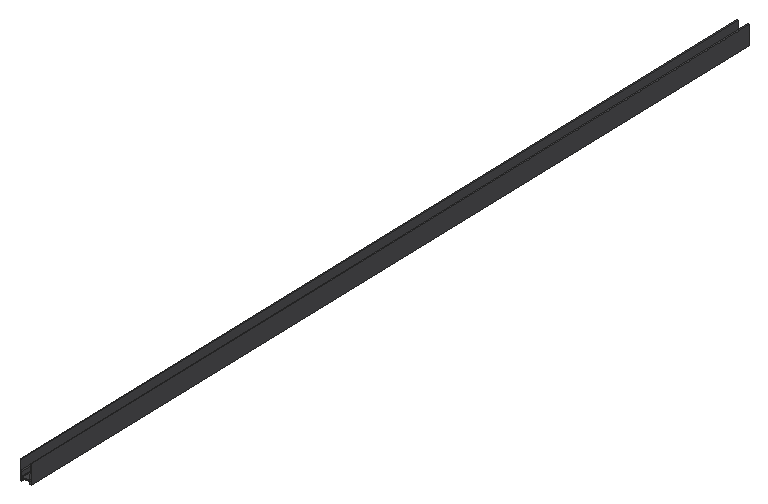
Revit family "Track_Interior_Baso_Surface", category Lighting Fixtures, host Face, Revit 2020
Family settings
  Host = Face
  Round Connector Dimension = Use Diameter
  Part Type = Normal
  OmniClass Number = 23.80.70.11.17
  OmniClass Title = Specialized Lighting by Location or Use
  Cut with Voids When Loaded = No
  Light Source = No
  Shared = No
  Room Calculation Point = No
Parameters (values of type "R2 Track - Custom Length")
  Warranty URL = "https://www.basolighting.com/images/pdfs-content/BASO_INC-warranty.pdf"
  Track Model = 2
  Supply from R-Line Power Supply [instance] = not([Supply from R-Line Track])  # no
  Supply from R-Line Track [instance] = yes
  Power Factor = 1
  Placement Front Side [instance] = not(Placement Back Side)  # yes
  Placement Back Side [instance] = no
  Performance URL = "https://www.basolighting.com/products"
  Offset Placement [instance] = if(Placement Back Side, Length, 0' 0")  # 0' - 0"
  Note for custom front side joint [instance] = "This parameter is set angle for custom joints, that have XX in the name"  # constant formula
  Note for custom back side joint [instance] = "This parameter is set angle for custom joints, that have XX in the name"  # constant formula
  Note for available colors [instance] = "Housing, available in white, black and custom colors. For custom color, please contact Baso."  # constant formula
  Manufacturer Phone Number = "203.262.9990"
  Manufacturer Email = "mailto:Service@basolighting.com"
  Manufacturer Address = "133 W 19th Street New York, NY 10011"
  Instruction Sheet Link = "https://www.basolighting.com/images/resources/r-line/mounting-instruction/R-LINE/02_Surface/RLINE-surface-MI.pdf"
  Front side end cap [instance] = no
  Front Side Right Turn R 36 XX = Joint type : Right Turn - R 36 / XX
  Front Side Right Turn R 24 XX = Joint type : Right Turn - R 24 / XX
  Front Side Left Turn Void M 90 [instance] = or(Front Side Joint = Front Side Left Turn M 90, Front Side Joint = Front Side Right Turn M 90)  # no
  Front Side Left Turn R 36 XX = Joint type : Left Turn - R 36 / XX
  Front Side Left Turn R 24 XX = Joint type : Left Turn - R 24 / XX
  Distance From End [instance] = if(or(Length Dimensions < 4' 0", Length Dimensions = 4' 0"), 0' 6", if(Length Dimensions > 4' 0", Step / Quantity, 1' 6"))  # 1' - 0"
  Step [instance] = if(or(Length Dimensions < 2' 0", Length Dimensions = 2' 0"), 1' 0", if(or(Length Dimensions < 4' 0", Length Dimensions = 4' 0"), 1' 6", 3' 0"))  # 3' - 0"
  R1 Back End Cap Visibility [instance] = and(Back Side Joint = Back Side None, Back side end cap)  # no
  R1 Front End Cap Visibility [instance] = and(Front Side Joint = Front Side None, Front side end cap)  # no
  Quantity [instance] = Length Dimensions / Step  # 3
  Nominal Type Length = 0' - 0"
  Voltage = 48 V
  URL = "https://www.basolighting.com/"
  Product data url = ""
  Product Page URL = "https://www.basolighting.com/r-line"
  Product Documentation Link = "https://www.basolighting.com/images/resources/r-line/cut-sheet/R-LINE%20TRACK/01_Recessed_Surface_Pendant/Track.pdf"
  Model = "Surface R-Line"  # constant formula
  Manufacturer = "BASO Inc."
  Main unit length for custom type [instance] = 10' - 0"
  Length [instance] = Length Dimensions  # 10' - 0"
  Height = if(Track Model = 1, 0' 1 1/2", if(Track Model = 2, 0' 2 1/2", 0' 1 1/2"))  # 0' - 2 1/2"
  Connector Position Angle [instance] = if([Supply from R-Line Track], 0.00°, 90.00°)  # 0.00°
  Connector Offset Y [instance] = if([Supply from R-Line Track], 0' 0 53/256", 0' 0")  # 0' - 0 53/256"
  Connector Offset X [instance] = if([Supply from R-Line Track], Length, Distance From End)  # 10' - 0"
  Back side end cap [instance] = no
  Back Side Void M 90 [instance] = or(Back Side Joint = Back Side Right Turn M 90, Back Side Joint = Back Side Left Turn M 90)  # no
  Back Side Right Turn R 36 XX = Joint type : Right Turn - R 36 / XX
  Back Side Right Turn R 24 XX = Joint type : Right Turn - R 24 / XX
  Back Side Right Turn R 18 XX = Joint type : Right Turn - R 18 / XX
  Back Side Right Turn R 24 = Joint type : Right Turn - R 24
  Back Side Right Turn M 90 = Joint type : Right Turn - M 90
  Back Side Left Turn R 36 XX = Joint type : Left Turn - R 36 / XX
  Back Side Left Turn R 24 XX = Joint type : Left Turn - R 24 / XX
  Back Side Left Turn M 90 = Joint type : Left Turn - M 90
  Back Side Right Turn R 36 = Joint type : Right Turn - R 36
  Back Side Right Turn R 18 = Joint type : Right Turn - R 18
  Back Side Left Turn R 18 XX = Joint type : Left Turn - R 18 / XX
  Back Side None = Joint type : None
  Back Side Joint [instance] = Joint type : None
  Field Cut = "Field Cuttable Track"  # constant formula
  Lenght Checker [instance] = if(Main unit length for custom type > 1' 0", Main unit length for custom type, 1' 0")  # 10' - 0"
  Custom Checker = yes
  Dimmining = "0 - 10V"
  Description = "R-LINE is the next generation of low voltage track systems. Our patented technology allows you to place track heads, louver spots and curved linear insets into the curved corner of the track."  # constant formula
  CCEA = "CCEA Rated(Chicago Plenum)"  # constant formula
  Blind Covers = "Blind Cover 1' flush with R1 track"  # constant formula
  Front Side Right Turn R 18 XX = Joint type : Right Turn - R 18 / XX
  Front Side Right Turn R 36 = Joint type : Right Turn - R 36
  Front Side Right Turn R 24 = Joint type : Right Turn - R 24
  Front Side Right Turn R 18 = Joint type : Right Turn - R 18
  Front Side Right Turn M 90 = Joint type : Right Turn - M 90
  Front Side None = Joint type : None
  Front Side Left Turn R 18 XX = Joint type : Left Turn - R 18 / XX
  Front Side Left Turn R 36 = Joint type : Left Turn - R 36
  Front Side Left Turn R 24 = Joint type : Left Turn - R 24
  Front Side Left Turn R 18 = Joint type : Left Turn - R 18
  Front Side Left Turn M 90 = Joint type : Left Turn - M 90
  Front Side Joint [instance] = Joint type : None
  Front Angle Checker [instance] = if(Angle for custom joint on the front side > 179.00°, 179.00°, if(Angle for custom joint on the front side < 15.00°, 15.00°, if(Angle for custom joint on the front side > 15.00°, Angle for custom joint on the front side, if(Angle for custom joint on the front side < 179.00°, Angle for custom joint on the front side, 90.00°))))  # 90.00°
  Back Angle Checker [instance] = if(Angle for custom joint on the back side > 179.00°, 179.00°, if(Angle for custom joint on the back side < 15.00°, 15.00°, if(Angle for custom joint on the back side > 15.00°, Angle for custom joint on the back side, if(Angle for custom joint on the back side < 179.00°, Angle for custom joint on the back side, 90.00°))))  # 90.00°
  Product Material [instance] = Baso - Metal - Black (RAL 9005)
  R1&R2 Secondary Track Back Side Left Turn [instance] = and(and(not(Back Side Joint = Back Side None), or(Back Side Joint = Back Side Left Turn M 90, Back Side Joint = Back Side Left Turn R 18, Back Side Joint = Back Side Left Turn R 24, Back Side Joint = Back Side Left Turn R 36, Back Side Joint = Back Side Left Turn R 18 XX, Back Side Joint = Back Side Left Turn R 24 XX, Back Side Joint = Back Side Left Turn R 36 XX)))  # no
  R1&R2 Secondary Track Back Side Right Turn [instance] = and(and(not(Back Side Joint = Back Side None), or(Back Side Joint = Back Side Right Turn M 90, Back Side Joint = Back Side Right Turn R 18, Back Side Joint = Back Side Right Turn R 24, Back Side Joint = Back Side Right Turn R 36, Back Side Joint = Back Side Right Turn R 18 XX, Back Side Joint = Back Side Right Turn R 24 XX, Back Side Joint = Back Side Right Turn R 36 XX)))  # no
  R1&R2 Secondary Track Front Side Right Turn [instance] = and(and(not(Front Side Joint = Front Side None), or(Front Side Joint = Front Side Right Turn M 90, Front Side Joint = Front Side Right Turn R 18, Front Side Joint = Front Side Right Turn R 24, Front Side Joint = Front Side Right Turn R 36, Front Side Joint = Front Side Right Turn R 18 XX, Front Side Joint = Front Side Right Turn R 24 XX, Front Side Joint = Front Side Right Turn R 36 XX)))  # no
  R1&R2 Secondary Track Front Side Left Turn [instance] = and(and(not(Front Side Joint = Front Side None), or(Front Side Joint = Front Side Left Turn M 90, Front Side Joint = Front Side Left Turn R 18, Front Side Joint = Front Side Left Turn R 24, Front Side Joint = Front Side Left Turn R 36, Front Side Joint = Front Side Left Turn R 18 XX, Front Side Joint = Front Side Left Turn R 24 XX, Front Side Joint = Front Side Left Turn R 36 XX)))  # no
  Length Dimensions [instance] = if(not(Custom Checker), Nominal Type Length, if(Custom Checker, Lenght Checker, 4' 0"))  # 10' - 0"
  Back Side Left Turn R 36 = Joint type : Left Turn - R 36
  Back Side Left Turn R 18 = Joint type : Left Turn - R 18
  Apparent Load = 0 VA
  Annotation Front/Back [instance] = yes
  Angle for custom joint on the back side [instance] = 90.00°
  Default Elevation = 4' - 0"
  Angle for custom joint on the front side [instance] = 90.00°
  Curved Radius of Unit Front [instance] = if(or(Front Side Joint = Front Side Left Turn R 18, Front Side Joint = Front Side Right Turn R 18, Front Side Joint = Front Side Left Turn R 18 XX, Front Side Joint = Front Side Right Turn R 18 XX), 1' 6", if(or(Front Side Joint = Front Side Right Turn R 24, Front Side Joint = Front Side Left Turn R 24, Front Side Joint = Front Side Right Turn R 24 XX, Front Side Joint = Front Side Left Turn R 24 XX), 2' 0", if(or(Front Side Joint = Front Side Right Turn R 36, Front Side Joint = Front Side Left Turn R 36, Front Side Joint = Front Side Right Turn R 36 XX, Front Side Joint = Front Side Left Turn R 36 XX), 3' 0", 1' 6")))  # 1' - 6"
  Curved Radius of Unit Back [instance] = if(or(Back Side Joint = Back Side Left Turn R 18, Back Side Joint = Back Side Right Turn R 18, Back Side Joint = Back Side Left Turn R 18 XX, Back Side Joint = Back Side Right Turn R 18 XX), 1' 6", if(or(Back Side Joint = Back Side Right Turn R 24, Back Side Joint = Back Side Left Turn R 24, Back Side Joint = Back Side Right Turn R 24 XX, Back Side Joint = Back Side Left Turn R 24 XX), 2' 0", if(or(Back Side Joint = Back Side Right Turn R 36, Back Side Joint = Back Side Left Turn R 36, Back Side Joint = Back Side Right Turn R 36 XX, Back Side Joint = Back Side Left Turn R 36 XX), 3' 0", 1' 6")))  # 1' - 6"
  Back Side Left Turn R 24 = Joint type : Left Turn - R 24
  Angle Back Unit [instance] = if(or(Back Side Joint = Back Side Right Turn R 18 XX, Back Side Joint = Back Side Left Turn R 18 XX, Back Side Joint = Back Side Left Turn R 24 XX, Back Side Joint = Back Side Right Turn R 24 XX, Back Side Joint = Back Side Left Turn R 36 XX, Back Side Joint = Back Side Right Turn R 36 XX), Back Angle Checker, 90.00°)  # 90.00°
  Angle Front Unit [instance] = if(or(Front Side Joint = Front Side Right Turn R 18 XX, Front Side Joint = Front Side Left Turn R 18 XX, Front Side Joint = Front Side Left Turn R 24 XX, Front Side Joint = Front Side Right Turn R 24 XX, Front Side Joint = Front Side Left Turn R 36 XX, Front Side Joint = Front Side Right Turn R 36 XX), Front Angle Checker, 90.00°)  # 90.00°
  2D Front Unit Right Turn Visibility [instance] = and(not(Front Side Joint = Front Side None), and(not([2D Front Side Right Turn M 90]), R1&R2 Secondary Track Front Side Right Turn))  # no
  2D Front Unit Left Turn Visibility [instance] = and(not(Front Side Joint = Front Side None), and(not([2D Front Side Left Turn M 90]), R1&R2 Secondary Track Front Side Left Turn))  # no
  2D Front Side Right Turn M 90 [instance] = Front Side Joint = Front Side Right Turn M 90  # no
  2D Front Side Left Turn M 90 [instance] = Front Side Joint = Front Side Left Turn M 90  # no
  2D Back Unit Right Turn Visibility [instance] = and(not(Back Side Joint = Back Side None), and(not([2D Back Side Right Turn M 90]), R1&R2 Secondary Track Back Side Right Turn))  # no
  2D Back Unit Left Turn Visibility [instance] = and(not(Back Side Joint = Back Side None), and(not([2D Back Side Left Turn M 90]), R1&R2 Secondary Track Back Side Left Turn))  # no
  2D Back Side Right Turn M 90 [instance] = Back Side Joint = Back Side Right Turn M 90  # no
  2D Back Side Left Turn M 90 [instance] = Back Side Joint = Back Side Left Turn M 90  # no
Types (10): name | Track Model | Distance From End | Step | Quantity | Nominal Type Length | Length | Height | Connector Offset X | Custom Checker | Length Dimensions
  R1 Track - 2' | 1 | 0' - 6" | 1' - 0" | 2 | 2' - 0" | 2' - 0" | 0' - 1 1/2" | 2' - 0" | no | 2' - 0"
  R1 Track - 4' | 1 | 0' - 6" | 1' - 6" | 3 | 4' - 0" | 4' - 0" | 0' - 1 1/2" | 4' - 0" | no | 4' - 0"
  R1 Track - 6' | 1 | 1' - 6" | 3' - 0" | 2 | 6' - 0" | 6' - 0" | 0' - 1 1/2" | 6' - 0" | no | 6' - 0"
  R1 Track - 8' | 1 | 1' - 0" | 3' - 0" | 3 | 8' - 0" | 8' - 0" | 0' - 1 1/2" | 8' - 0" | no | 8' - 0"
  R1 Track - Custom Length | 1 | 1' - 0" | 3' - 0" | 3 | 0' - 0" | 10' - 0" | 0' - 1 1/2" | 10' - 0" | yes | 10' - 0"
  R2 Track - 6' | 2 | 1' - 6" | 3' - 0" | 2 | 6' - 0" | 6' - 0" | 0' - 2 1/2" | 6' - 0" | no | 6' - 0"
  R2 Track - 8' | 2 | 1' - 0" | 3' - 0" | 3 | 8' - 0" | 8' - 0" | 0' - 2 1/2" | 8' - 0" | no | 8' - 0"
  R2 Track - Custom Length | 2 | 1' - 0" | 3' - 0" | 3 | 0' - 0" | 10' - 0" | 0' - 2 1/2" | 10' - 0" | yes | 10' - 0"
  R2 Track - 4' | 2 | 0' - 6" | 1' - 6" | 3 | 4' - 0" | 4' - 0" | 0' - 2 1/2" | 4' - 0" | no | 4' - 0"
  R2 Track - 2' | 2 | 0' - 6" | 1' - 0" | 2 | 2' - 0" | 2' - 0" | 0' - 2 1/2" | 2' - 0" | no | 2' - 0"
Reference planes (in)
  plane 1 "Center (Front/Back)": y = 0
  plane 2: z = 0
  plane 3 "Center (Left/Right)": x = 0
  plane 4: y = -120
  plane 5: z = 0
  plane 6: y = -12
  plane 7: y = -48
  plane 8: z = 0.20703
  plane 9: y = -120
  plane 10 "Fixture Alignment Plane": z = 0.3668
  plane 11: y = 0
  plane 12: y = -84
Forms (in)
  Sweep 1, solid, material "Baso - Metal - Black (RAL 9005)" <- "Product Material", visible <- "R1&R2 Secondary Track Front Side Left Turn", detail levels coarse
    path origin (-67.29471, -183.44148, 0) x (-1, 0, 0) y (0, -1, 0)
      loop
        arc (-67.29471, -183.44148) -> (-62.02264, -196.16941) -> (-49.29471, -201.44148) r 18
    profile origin (-5.27208, 12.72792, 0) x (-0.707107, -0.707107, 0) y (0, 0, 1)
      loop
        line (0.74834, 2.5) -> (0.66888, 2.5) -> (0.66888, 0.3668) -> (-0.67219, 0.3668) -> (-0.67219, 2.5) -> (-0.75166, 2.5) -> (-0.75166, -0.00008) -> (-0.50166, -0.00008) -> (-0.50166, 0.07938) -> (-0.67219, 0.07938) -> (-0.67219, 0.28734) -> (0.66887, 0.28734) -> (0.66887, 0.07938) -> (0.49834, 0.07938) -> (0.49834, -0.00008) -> (0.74834, -0.00008) -> (0.74834, 2.5)
  Sweep 2, solid, material "Baso - Metal - Black (RAL 9005)" <- "Product Material", visible <- "R1&R2 Secondary Track Front Side Right Turn", detail levels coarse
    path origin (250.97846, 22.24958, 0) x (0, -1, 0) y (1, 0, 0)
      loop
        arc (4.24958, -232.97846) -> (9.52165, -245.70638) -> (22.24958, -250.97846) r 18
    profile origin (5.27208, 12.72792, 0) x (0.707107, -0.707107, 0) y (0, 0, 1)
      loop
        line (0.74834, 2.5) -> (0.66888, 2.5) -> (0.66888, 0.3668) -> (-0.67219, 0.3668) -> (-0.67219, 2.5) -> (-0.75166, 2.5) -> (-0.75166, -0.00008) -> (-0.50166, -0.00008) -> (-0.50166, 0.07938) -> (-0.67219, 0.07938) -> (-0.67219, 0.28734) -> (0.66887, 0.28734) -> (0.66887, 0.07938) -> (0.49834, 0.07938) -> (0.49834, -0.00008) -> (0.74834, -0.00008) -> (0.74834, 2.5)
  Sweep 3, solid, material "Baso - Metal - Black (RAL 9005)" <- "Product Material", visible <- "R1&R2 Secondary Track Back Side Right Turn", detail levels coarse
    path origin (92.00075, 131.20845, 1.38501) x (1, 0, 0) y (0, 1, 0)
      loop
        arc (-92.00075, -251.20845) -> (-86.72867, -263.93637) -> (-74.00075, -269.20845) r 18
    profile origin (5.27208, -132.72792, 1.38501) x (0.707107, 0.707107, 0) y (0, 0, 1)
      loop
        line (0.74834, 1.11491) -> (0.66888, 1.11491) -> (0.66888, -1.01821) -> (-0.67219, -1.01821) -> (-0.67219, 1.11491) -> (-0.75166, 1.11491) -> (-0.75166, -1.38509) -> (-0.50166, -1.38509) -> (-0.50166, -1.30562) -> (-0.67219, -1.30562) -> (-0.67219, -1.09767) -> (0.66887, -1.09767) -> (0.66887, -1.30562) -> (0.49834, -1.30562) -> (0.49834, -1.38509) -> (0.74834, -1.38509) -> (0.74834, 1.11491)
  Sweep 4, solid, material "Baso - Metal - Black (RAL 9005)" <- "Product Material", visible <- "R1&R2 Secondary Track Back Side Left Turn", detail levels coarse
    path origin (-226.11975, -61.60122, 0) x (0, 1, 0) y (-1, 0, 0)
      loop
        arc (-76.39878, -208.11975) -> (-71.1267, -220.84767) -> (-58.39878, -226.11975) r 18
    profile origin (-5.27208, -132.72792, 0) x (-0.707107, 0.707107, 0) y (0, 0, 1)
      loop
        line (0.74834, 2.5) -> (0.66888, 2.5) -> (0.66888, 0.3668) -> (-0.67219, 0.3668) -> (-0.67219, 2.5) -> (-0.75166, 2.5) -> (-0.75166, -0.00008) -> (-0.50166, -0.00008) -> (-0.50166, 0.07938) -> (-0.67219, 0.07938) -> (-0.67219, 0.28734) -> (0.66887, 0.28734) -> (0.66887, 0.07938) -> (0.49834, 0.07938) -> (0.49834, -0.00008) -> (0.74834, -0.00008) -> (0.74834, 2.5)
  Sweep 5, solid, material "Baso - Metal - Black (RAL 9005)" <- "Product Material", visible <- "R1&R2 Secondary Track Front Side Right Turn", detail levels medium+fine
    path origin (254.24667, 9.48931, 0) x (0, -1, 0) y (1, 0, 0)
      loop
        arc (-8.51069, -236.24667) -> (-3.23861, -248.97459) -> (9.48931, -254.24667) r 18
    profile origin (5.27208, 12.72792, 0) x (0.707107, -0.707107, 0) y (0, 0, 1)
      loop
        line (0.74834, 2.5) -> (0.66888, 2.5) -> (0.66888, 1.29197) -> (0.49835, 1.08873) -> (0.49835, 0.57476) -> (0.66887, 0.57476) -> (0.66887, 0.3668) -> (-0.67219, 0.3668) -> (-0.67219, 0.57476) -> (-0.50166, 0.57476) -> (-0.50166, 1.08873) -> (-0.67219, 1.29197) -> (-0.67219, 2.5) -> (-0.75166, 2.5) -> (-0.75166, -0.00008) -> (-0.50166, -0.00008) -> (-0.50166, 0.07938) -> (-0.67219, 0.07938) -> (-0.67219, 0.28734) -> (0.66887, 0.28734) -> (0.66887, 0.07938) -> (0.49834, 0.07938) -> (0.49834, -0.00008) -> (0.74834, -0.00008) -> (0.74834, 2.5)
  Sweep 6, solid, material "Baso - Metal - Black (RAL 9005)" <- "Product Material", visible <- "R1&R2 Secondary Track Back Side Right Turn", detail levels medium+fine
    path origin (94.59513, 128.40061, 0) x (1, 0, 0) y (0, 1, 0)
      loop
        arc (-94.59513, -248.40061) -> (-89.32305, -261.12853) -> (-76.59513, -266.40061) r 18
    profile origin (5.27208, -132.72792, 0) x (0.707107, 0.707107, 0) y (0, 0, 1)
      loop
        line (0.74834, 2.5) -> (0.66888, 2.5) -> (0.66888, 1.29197) -> (0.49835, 1.08873) -> (0.49835, 0.57476) -> (0.66887, 0.57476) -> (0.66887, 0.3668) -> (-0.67219, 0.3668) -> (-0.67219, 0.57476) -> (-0.50166, 0.57476) -> (-0.50166, 1.08873) -> (-0.67219, 1.29197) -> (-0.67219, 2.5) -> (-0.75166, 2.5) -> (-0.75166, -0.00008) -> (-0.50166, -0.00008) -> (-0.50166, 0.07938) -> (-0.67219, 0.07938) -> (-0.67219, 0.28734) -> (0.66887, 0.28734) -> (0.66887, 0.07938) -> (0.49834, 0.07938) -> (0.49834, -0.00008) -> (0.74834, -0.00008) -> (0.74834, 2.5)
  Sweep 7, solid, material "Baso - Metal - Black (RAL 9005)" <- "Product Material", visible <- "R1&R2 Secondary Track Back Side Left Turn", detail levels medium+fine
    path origin (-251.94777, -32.59165, 0) x (0, 1, 0) y (-1, 0, 0)
      loop
        arc (-105.40835, -233.94777) -> (-100.13627, -246.67569) -> (-87.40835, -251.94777) r 18
    profile origin (-5.27208, -132.72792, 0) x (-0.707107, 0.707107, 0) y (0, 0, 1)
      loop
        line (0.74834, 2.5) -> (0.66888, 2.5) -> (0.66888, 1.29197) -> (0.49835, 1.08873) -> (0.49835, 0.57476) -> (0.66887, 0.57476) -> (0.66887, 0.3668) -> (-0.67219, 0.3668) -> (-0.67219, 0.57476) -> (-0.50166, 0.57476) -> (-0.50166, 1.08873) -> (-0.67219, 1.29197) -> (-0.67219, 2.5) -> (-0.75166, 2.5) -> (-0.75166, -0.00008) -> (-0.50166, -0.00008) -> (-0.50166, 0.07938) -> (-0.67219, 0.07938) -> (-0.67219, 0.28734) -> (0.66887, 0.28734) -> (0.66887, 0.07938) -> (0.49834, 0.07938) -> (0.49834, -0.00008) -> (0.74834, -0.00008) -> (0.74834, 2.5)
  Sweep 8, solid, material "Baso - Metal - Black (RAL 9005)" <- "Product Material", visible <- "R1&R2 Secondary Track Front Side Left Turn", detail levels medium+fine
    path origin (-96.94338, -173.13247, -1.61499) x (-1, 0, 0) y (0, -1, 0)
      loop
        arc (-96.94338, -173.13247) -> (-91.67131, -185.86039) -> (-78.94338, -191.13247) r 18
    profile origin (-5.27208, 12.72792, -1.61499) x (-0.707107, -0.707107, 0) y (0, 0, 1)
      loop
        line (0.74834, 4.11491) -> (0.66888, 4.11491) -> (0.66888, 2.90696) -> (0.49835, 2.70372) -> (0.49835, 2.18975) -> (0.66887, 2.18975) -> (0.66887, 1.98179) -> (-0.67219, 1.98179) -> (-0.67219, 2.18975) -> (-0.50166, 2.18975) -> (-0.50166, 2.70372) -> (-0.67219, 2.90696) -> (-0.67219, 4.11491) -> (-0.75166, 4.11491) -> (-0.75166, 1.61491) -> (-0.50166, 1.61491) -> (-0.50166, 1.69438) -> (-0.67219, 1.69438) -> (-0.67219, 1.90233) -> (0.66887, 1.90233) -> (0.66887, 1.69438) -> (0.49834, 1.69438) -> (0.49834, 1.61491) -> (0.74834, 1.61491) -> (0.74834, 4.11491)
  Sweep 9, solid, material "Baso - Metal - Black (RAL 9005)" <- "Product Material", detail levels coarse
    path origin (-54.6422, -180, 0) x (-1, 0, 0) y (0, -1, 0)
      loop
        line (-54.6422, -60) -> (-54.6422, -180)
    profile origin (0, -60, 0) x (-1, 0, 0) y (0, 0, 1)
      loop
        line (0.75015, 2.5) -> (0.6707, 2.5) -> (0.6707, 0.3668) -> (-0.67038, 0.3668) -> (-0.67038, 2.5) -> (-0.74985, 2.5) -> (-0.74985, -0.00008) -> (-0.49985, -0.00008) -> (-0.49985, 0.07938) -> (-0.67038, 0.07938) -> (-0.67038, 0.28734) -> (0.67069, 0.28734) -> (0.67069, 0.07938) -> (0.50015, 0.07938) -> (0.50015, -0.00008) -> (0.75015, -0.00008) -> (0.75015, 2.5)
  Extrusion 10, solid, material "Baso - Metal - Black (RAL 9005)" <- "Product Material", visible <- "R1 Back End Cap Visibility"
    sketch origin (-53.1018, -276.25, 0) x (-1, 0, 0) y (0, -1, 0)
      loop
        line (-52.3518, -156.25) -> (-52.3518, -156) -> (-53.8518, -156) -> (-53.8518, -156.25) -> (-52.3518, -156.25)
    from 0 to 2.5
  Sweep 11, solid, material "Baso - Metal - Black (RAL 9005)" <- "Product Material", detail levels medium+fine
    path origin (-54.6422, -180, 0) x (-1, 0, 0) y (0, -1, 0)
      loop
        line (-54.6422, -60) -> (-54.6422, -180)
    profile origin (0, -60, 0) x (-1, 0, 0) y (0, 0, 1)
      loop
        line (0.75015, 2.5) -> (0.6707, 2.5) -> (0.6707, 1.29197) -> (0.50016, 1.08873) -> (0.50016, 0.57476) -> (0.67069, 0.57476) -> (0.67069, 0.3668) -> (-0.67038, 0.3668) -> (-0.67038, 0.57476) -> (-0.49985, 0.57476) -> (-0.49985, 1.08873) -> (-0.67038, 1.29197) -> (-0.67038, 2.5) -> (-0.74985, 2.5) -> (-0.74985, -0.00008) -> (-0.49985, -0.00008) -> (-0.49985, 0.07938) -> (-0.67038, 0.07938) -> (-0.67038, 0.28734) -> (0.67069, 0.28734) -> (0.67069, 0.07938) -> (0.50015, 0.07938) -> (0.50015, -0.00008) -> (0.75015, -0.00008) -> (0.75015, 2.5)
  Extrusion 12, solid, material "Baso - Metal - Black (RAL 9005)" <- "Product Material", visible <- "R1 Front End Cap Visibility"
    sketch origin (-53.1018, -252, 0) x (-1, 0, 0) y (0, -1, 0)
      loop
        line (-52.3518, -252.25) -> (-52.3518, -252) -> (-53.8518, -252) -> (-53.8518, -252.25) -> (-52.3518, -252.25)
    from 0 to 2.5
  Extrusion 13, solid, not visible
    sketch origin (0, -120, 0.20703) x (0, 0, 1) y (0, -1, 0)
      loop
        line (0, -0.25) -> (0.25, -0.25) -> (0.25, 0) -> (0, 0) -> (0, -0.25)
    from -0.50015 to 0.49985
Lines and regions (in)
  reference lines
    curve 1: line (0, -120, 0.20703) -> (0, -120, 4.45703)
  symbolic lines, style "Fixture Alignment Line"
    curve 2: line (0, 0, 0.3668) -> (0, -120, 0.3668)
Dimensions and locks (in)
  plane 1 "Center (Front/Back)" to plane 4 = 10' - 0"
  plane 5 to level = 0' - 0"
  "Length": plane 4 to plane 1 "Center (Front/Back)"
  "Height": profile plane to Sweep 9 sketch curve  (x2)
  "Height": Sweep 1 sketch curve to profile plane  (x2)
  locked: Sweep 8 sketch curve to profile plane at 2.90696  (x2)
  "Height": Sweep 8 sketch curve to Sweep 8 sketch curve  (x2)
  "Height": Sweep 2 sketch curve to profile plane
  "Height": profile plane to Sweep 2 sketch curve
  locked: Sweep 5 sketch curve to profile plane at 1.29197  (x2)
  "Height": Sweep 5 sketch curve to profile plane
  "Height": profile plane to Sweep 5 sketch curve
  "Height": Sweep 3 sketch curve to Sweep 3 sketch curve  (x2)
  locked: profile plane to Sweep 3 sketch curve at 1.38509
  locked: Sweep 3 sketch curve to profile plane at 1.38509
  locked: Sweep 6 sketch curve to profile plane at 1.29197  (x2)
  "Height": Sweep 6 sketch curve to profile plane  (x2)
  "Height": Sweep 4 sketch curve to profile plane  (x2)
  locked: Sweep 7 sketch curve to profile plane at 1.29197  (x2)
  "Height": Sweep 7 sketch curve to profile plane  (x2)
  locked: profile plane to Sweep 11 sketch curve at 1.29197  (x2)
  "Height": profile plane to Sweep 11 sketch curve  (x2)
  "Height": Extrusion 10 to level
  "Height": Extrusion 12 to level
  equal spacing: group 1, group 2, group 3  (x2)
  equal spacing: group 3, group 2, group 1
  "Distance From End": plane 1 "Center (Front/Back)" to plane 6
  "Step": plane 6 to plane 7
  "Connector Offset Y": plane 8 to level
  "Connector Offset X": plane 1 "Center (Front/Back)" to plane 9
  "Offset Placement": plane 1 "Center (Front/Back)" to plane 11
  "Curved Radius of Unit Front": radius of Sweep 1 sketch curve
  "Curved Radius of Unit Front": radius of Sweep 2 sketch curve
  "Curved Radius of Unit Back": radius of Sweep 3 sketch curve
  "Curved Radius of Unit Back": radius of Sweep 4 sketch curve
  "Curved Radius of Unit Front": radius of Sweep 5 sketch curve
  "Curved Radius of Unit Back": radius of Sweep 6 sketch curve
  "Curved Radius of Unit Back": radius of Sweep 7 sketch curve
  "Curved Radius of Unit Front": radius of Sweep 8 sketch curve
  "Angle Front Unit": angle Sweep 1 sketch curve to Sweep 1 sketch curve
  "Angle Front Unit": angle Sweep 2 sketch curve to Sweep 2 sketch curve
  "Angle Back Unit": angle Sweep 3 sketch curve to Sweep 3 sketch curve
  "Angle Back Unit": angle Sweep 4 sketch curve to Sweep 4 sketch curve
  "Angle Front Unit": angle Sweep 5 sketch curve to Sweep 5 sketch curve
  "Angle Back Unit": angle Sweep 6 sketch curve to Sweep 6 sketch curve
  "Angle Back Unit": angle Sweep 7 sketch curve to Sweep 7 sketch curve
  "Angle Front Unit": angle Sweep 8 sketch curve to Sweep 8 sketch curve
  "Connector Position Angle": angle plane 4 to curve 1
  aligned and locked: host face to plane 2
  aligned and locked: host face to level
  aligned and locked: Sweep 11 to plane 4
  aligned and locked: Sweep 9 to plane 4
  aligned and locked: plane 1 "Center (Front/Back)" to Sweep 11 sketch curve
  aligned and locked: plane 4 to Sweep 11 sketch curve
  aligned and locked: plane 1 "Center (Front/Back)" to Sweep 9 sketch curve
  aligned and locked: plane 4 to Sweep 9 sketch curve
  aligned and locked: plane 1 "Center (Front/Back)" to Sweep 1 sketch curve
  aligned and locked: plane 1 "Center (Front/Back)" to Sweep 8 sketch curve
  aligned and locked: plane 1 "Center (Front/Back)" to Sweep 2 sketch curve
  aligned and locked: plane 1 "Center (Front/Back)" to Sweep 5 sketch curve
  aligned and locked: plane 4 to Sweep 3 sketch curve
  aligned and locked: plane 4 to Sweep 6 sketch curve
  aligned and locked: plane 4 to Sweep 4 sketch curve
  aligned and locked: plane 4 to Sweep 7 sketch curve
  aligned and locked: plane 1 "Center (Front/Back)" to Extrusion 12
  aligned and locked: curve 1 to plane 9
  aligned and locked: plane 8 to curve 1
  aligned and locked: plane 1 "Center (Front/Back)" to curve 2
  aligned and locked: plane 4 to curve 2
  aligned and locked: curve 2 to plane 10 "Fixture Alignment Plane"
  aligned and locked: nested 5 to plane 4
Automatic sketch dimensions
  host sketch curve to host sketch curve = 12' - 0.75015"
  host sketch curve to host sketch curve = 12' - 0"
  Sweep 9 sketch curve to plane 3 "Center (Left/Right)" = 0' - 0"
  plane 4 to Extrusion 10 sketch curve = 0' - 0"
  plane 3 "Center (Left/Right)" to Extrusion 10 sketch curve = 0' - 0 3/4"
  plane 4 to Extrusion 10 sketch curve = 0' - 0 1/4"
  Extrusion 10 sketch curve to plane 3 "Center (Left/Right)" = 0' - 0 3/4"
  Sweep 11 sketch curve to plane 3 "Center (Left/Right)" = 0' - 0"
  plane 3 "Center (Left/Right)" to Extrusion 12 sketch curve = 0' - 0 3/4"
  Extrusion 12 sketch curve to plane 3 "Center (Left/Right)" = 0' - 0 3/4"
  Extrusion 12 sketch curve to plane 1 "Center (Front/Back)" = 0' - 0 1/4"
  Extrusion 12 sketch curve to Extrusion 12 sketch curve = 0' - 0 1/4"
  Extrusion 13 sketch curve to curve 1 = 0' - 0"
  curve 1 to Extrusion 13 sketch curve = 0' - 0 1/4"  (x2)
  curve 1 to Extrusion 13 sketch curve = 0' - 0"
  Sweep 1 sketch curve to plane 3 "Center (Left/Right)" = 0' - 0"
  Sweep 1 sketch curve to plane 5 = 0' - 0.00008"  (x2)
  profile plane to Sweep 1 sketch curve = 0' - 0.75166"
  Sweep 1 sketch curve to Sweep 1 sketch curve = 0' - 0.07947"  (x3)
  Sweep 1 sketch curve to Sweep 1 sketch curve = 0' - 0"  (x2)
  Sweep 1 sketch curve to Sweep 1 sketch curve = 0' - 0.17053"  (x2)
  Sweep 1 sketch curve to profile plane = 0' - 0.49834"
  plane 5 to Sweep 1 sketch curve = 0' - 0.07938"  (x2)
  Sweep 1 sketch curve to Sweep 1 sketch curve = 0' - 0.20795"
  Sweep 2 sketch curve to plane 3 "Center (Left/Right)" = 0' - 0"
  Sweep 2 sketch curve to plane 5 = 0' - 0.00008"  (x2)
  profile plane to Sweep 2 sketch curve = 0' - 0.75166"
  Sweep 2 sketch curve to Sweep 2 sketch curve = 0' - 0.07947"  (x3)
  Sweep 2 sketch curve to Sweep 2 sketch curve = 0' - 0"  (x2)
  Sweep 2 sketch curve to Sweep 2 sketch curve = 0' - 0.17053"  (x2)
  Sweep 2 sketch curve to profile plane = 0' - 0.49834"
  plane 5 to Sweep 2 sketch curve = 0' - 0.07938"  (x2)
  Sweep 2 sketch curve to Sweep 2 sketch curve = 0' - 0.20795"
  Sweep 3 sketch curve to plane 3 "Center (Left/Right)" = 0' - 0"
  profile plane to Sweep 3 sketch curve = 0' - 0.75166"
  Sweep 3 sketch curve to Sweep 3 sketch curve = 0' - 0.07947"  (x6)
  Sweep 3 sketch curve to Sweep 3 sketch curve = 0' - 0.17053"  (x2)
  Sweep 3 sketch curve to profile plane = 0' - 0.49834"
  Sweep 3 sketch curve to profile plane = 0' - 0.66888"
  Sweep 3 sketch curve to Sweep 3 sketch curve = 0' - 0.20795"
  Sweep 4 sketch curve to plane 3 "Center (Left/Right)" = 0' - 0"
  Sweep 4 sketch curve to plane 5 = 0' - 0.00008"  (x2)
  profile plane to Sweep 4 sketch curve = 0' - 0.75166"
  Sweep 4 sketch curve to Sweep 4 sketch curve = 0' - 0.07947"  (x2)
  Sweep 4 sketch curve to Sweep 4 sketch curve = 0' - 0"  (x2)
  Sweep 4 sketch curve to Sweep 4 sketch curve = 0' - 0.17053"  (x2)
  plane 5 to Sweep 4 sketch curve = 0' - 0.07938"  (x2)
  Sweep 4 sketch curve to profile plane = 0' - 0.49834"
  Sweep 4 sketch curve to Sweep 4 sketch curve = 0' - 0.07946"
  Sweep 4 sketch curve to Sweep 4 sketch curve = 0' - 0.20795"
  Sweep 5 sketch curve to plane 3 "Center (Left/Right)" = 0' - 0"
  Sweep 5 sketch curve to plane 5 = 0' - 0.00008"  (x2)
  profile plane to Sweep 5 sketch curve = 0' - 0.75166"
  Sweep 5 sketch curve to Sweep 5 sketch curve = 0' - 0.07947"  (x3)
  Sweep 5 sketch curve to Sweep 5 sketch curve = 0' - 0"  (x2)
  profile plane to Sweep 5 sketch curve = 0' - 0.67219"
  plane 5 to Sweep 5 sketch curve = 0' - 0.07938"  (x2)
  Sweep 5 sketch curve to Sweep 5 sketch curve = 0' - 0.17053"  (x3)
  Sweep 5 sketch curve to profile plane = 0' - 0.49834"
  Sweep 5 sketch curve to profile plane = 0' - 0.49835"
  Sweep 5 sketch curve to Sweep 5 sketch curve = 0' - 0.17052"
  Sweep 5 sketch curve to Sweep 5 sketch curve = 0' - 0.20795"  (x3)
  Sweep 5 sketch curve to Sweep 5 sketch curve = 0' - 0.20323"  (x2)
  Sweep 6 sketch curve to plane 3 "Center (Left/Right)" = 0' - 0"
  Sweep 6 sketch curve to profile plane = 0' - 0.00008"  (x2)
  profile plane to Sweep 6 sketch curve = 0' - 0.75166"
  Sweep 6 sketch curve to Sweep 6 sketch curve = 0' - 0.07947"  (x3)
  Sweep 6 sketch curve to Sweep 6 sketch curve = 0' - 0"  (x2)
  profile plane to Sweep 6 sketch curve = 0' - 0.67219"
  profile plane to Sweep 6 sketch curve = 0' - 0.07938"  (x2)
  Sweep 6 sketch curve to Sweep 6 sketch curve = 0' - 0.17053"  (x3)
  Sweep 6 sketch curve to profile plane = 0' - 0.49834"
  Sweep 6 sketch curve to profile plane = 0' - 0.49835"
  Sweep 6 sketch curve to Sweep 6 sketch curve = 0' - 0.17052"
  Sweep 6 sketch curve to Sweep 6 sketch curve = 0' - 0.20795"  (x3)
  Sweep 6 sketch curve to Sweep 6 sketch curve = 0' - 0.20323"  (x2)
  Sweep 7 sketch curve to plane 3 "Center (Left/Right)" = 0' - 0"
  Sweep 7 sketch curve to plane 5 = 0' - 0.00008"  (x2)
  profile plane to Sweep 7 sketch curve = 0' - 0.75166"
  Sweep 7 sketch curve to Sweep 7 sketch curve = 0' - 0.07947"  (x2)
  Sweep 7 sketch curve to Sweep 7 sketch curve = 0' - 0"  (x2)
  profile plane to Sweep 7 sketch curve = 0' - 0.67219"
  plane 5 to Sweep 7 sketch curve = 0' - 0.07938"  (x2)
  Sweep 7 sketch curve to Sweep 7 sketch curve = 0' - 0.17053"  (x3)
  Sweep 7 sketch curve to profile plane = 0' - 0.49834"
  Sweep 7 sketch curve to Sweep 7 sketch curve = 0' - 0.17052"
  Sweep 7 sketch curve to profile plane = 0' - 0.66888"
  Sweep 7 sketch curve to Sweep 7 sketch curve = 0' - 0.07946"
  Sweep 7 sketch curve to Sweep 7 sketch curve = 0' - 0.20795"  (x3)
  Sweep 7 sketch curve to Sweep 7 sketch curve = 0' - 0.20323"  (x2)
  Sweep 8 sketch curve to plane 3 "Center (Left/Right)" = 0' - 0"
  profile plane to Sweep 8 sketch curve = 0' - 0.75166"
  Sweep 8 sketch curve to Sweep 8 sketch curve = 0' - 0.07947"  (x5)
  Sweep 8 sketch curve to Sweep 8 sketch curve = 0' - 0"  (x3)
  profile plane to Sweep 8 sketch curve = 0' - 0.67219"
  Sweep 8 sketch curve to Sweep 8 sketch curve = 0' - 0.17053"  (x4)
  Sweep 8 sketch curve to profile plane = 0' - 0.49834"
  Sweep 8 sketch curve to Sweep 8 sketch curve = 0' - 0.20323"  (x2)
  Sweep 8 sketch curve to Sweep 8 sketch curve = 0' - 0.51398"  (x2)
  Sweep 8 sketch curve to Sweep 8 sketch curve = 0' - 0.20795"  (x3)
  profile plane to Sweep 9 sketch curve = 0' - 0.74985"
  Sweep 9 sketch curve to Sweep 9 sketch curve = 0' - 0.07947"  (x3)
  Sweep 9 sketch curve to plane 5 = 0' - 0.00008"  (x2)
  Sweep 9 sketch curve to Sweep 9 sketch curve = 0' - 0.17053"  (x2)
  Sweep 9 sketch curve to profile plane = 0' - 0.50015"
  Sweep 9 sketch curve to Sweep 9 sketch curve = 0' - 0"
  Sweep 9 sketch curve to Sweep 9 sketch curve = 0' - 0.07946"
  plane 5 to Sweep 9 sketch curve = 0' - 0.07938"  (x2)
  Sweep 9 sketch curve to Sweep 9 sketch curve = 0' - 0.20795"
  Sweep 11 sketch curve to profile plane = 0' - 0.00008"  (x2)
  profile plane to Sweep 11 sketch curve = 0' - 0.74985"
  Sweep 11 sketch curve to Sweep 11 sketch curve = 0' - 0.07947"  (x3)
  Sweep 11 sketch curve to Sweep 11 sketch curve = 0' - 0"  (x2)
  profile plane to Sweep 11 sketch curve = 0' - 0.67038"
  profile plane to Sweep 11 sketch curve = 0' - 0.07938"  (x2)
  Sweep 11 sketch curve to Sweep 11 sketch curve = 0' - 0.17053"  (x3)
  Sweep 11 sketch curve to profile plane = 0' - 0.50015"
  Sweep 11 sketch curve to profile plane = 0' - 0.50016"
  Sweep 11 sketch curve to Sweep 11 sketch curve = 0' - 0.17052"
  Sweep 11 sketch curve to Sweep 11 sketch curve = 0' - 0.20795"  (x3)
  Sweep 11 sketch curve to Sweep 11 sketch curve = 0' - 0.20323"  (x2)
Nested families (in)
  nested 1: "BASO - 2D - Pendant" at (0, 0, 0), type "BASO - 2D - Pendant"
    with Second Inside Front 1' - 5 1/2", Second Inside Back Line 1' - 5 1/2", Front Out Line Curved Radius 1' - 6 3/4", Front Inside Curved Radius 1' - 5 1/4", Back Out Line Curved Radius 1' - 6 3/4", Back Inside Curved Radius 1' - 5 1/4", 2 Out Front Line 1' - 6 1/2", 2 Out Back Line 1' - 6 1/2"
  nested 2: "Family3" at (0, -12, -0.00038), type "Family3"
  nested 3: "Family3" at (0, -48, -0.00038), type "Family3"
  nested 4: "M_Label_Annotation-Large" at (-1.60273, 0, 0) x (0, 1, 0) z (0, 0, 1), visible <- "Annotation Front/Back", type "Front"
  nested 5: "M_Label_Annotation-Large" at (-1.60273, -120, 0) x (0, 1, 0) z (0, 0, 1), visible <- "Annotation Front/Back", type "Back"
  nested 6: "Family3" at (0, -84, -0.00038), type "Family3"
Connectors (in)
  electrical at (-0.00015, -120, 0.33203), driven by "Voltage", driven by "Apparent Load", driven by "Power Factor"
    settings: on Extrusion 13, index 1, voltage 48 V, apparent load 0 VA, apparent load phase1 0 VA, apparent load phase2 0 VA, apparent load phase3 0 VA, power factor 1, load classification "Other", number of poles 1, system type 30, power factor state 1, is connector primary yes, connector utility no, sub classification motor no, connector description "Power Connector"
Definition of nested family "Family3"
  Parameters (values of type "Family3")
    Default Elevation = 0' - 0"
  Reference planes (in)
    plane 1 "Center (Front/Back)": y = 0
    plane 2: z = 0
    plane 3 "Center (Left/Right)": x = 0
  Forms (in)
    Extrusion 1, solid, detail levels coarse
      sketch origin (0, 0, 0) x (0, -1, 0) y (1, 0, 0)
        loop
          line (1.75, 0.5) -> (-1.75, 0.5)
          arc (-1.75, 0.5) -> (-2.25, 0) -> (-1.75, -0.5) r 0.5
          line (-1.75, -0.5) -> (1.75, -0.5)
          arc (1.75, -0.5) -> (2.25, 0) -> (1.75, 0.5) r 0.5
      from 0 to 0.21826
    Extrusion 2, solid, detail levels medium+fine
      sketch origin (0, 0, 0) x (0, -1, 0) y (1, 0, 0)
        loop
          circle (-1.75, 0) r 0.44747
        loop
          circle (-1.75, 0) r 0.20218
        loop
          circle (1.75, 0) r 0.44917
        loop
          circle (1.75, 0) r 0.19617
      from 0.21826 to 0.28906
    Extrusion 3, solid, detail levels medium+fine
      sketch origin (0, 0, 0) x (0, -1, 0) y (1, 0, 0)
        loop
          line (1.75, 0.5) -> (-1.75, 0.5)
          arc (-1.75, 0.5) -> (-2.25, 0) -> (-1.75, -0.5) r 0.5
          line (-1.75, -0.5) -> (1.75, -0.5)
          arc (1.75, -0.5) -> (2.25, 0) -> (1.75, 0.5) r 0.5
        loop
          circle (-1.75, 0) r 0.25
        loop
          circle (1.75, 0) r 0.25
      from 0 to 0.21826
    Extrusion 4, solid, detail levels coarse
      sketch origin (0, 0, 0) x (0, -1, 0) y (1, 0, 0)
        loop
          circle (-1.75, 0) r 0.44747
        loop
          circle (1.75, 0) r 0.44917
      from 0.28906 to 0.21826
    Extrusion 5, void
      sketch origin (0, 0, 0) x (0, -1, 0) y (1, 0, 0)
        loop
          circle (-1.75, 0) r 0.20218
        loop
          circle (1.75, 0) r 0.19617
      from 0 to 0.28906
  Cuts and joins
    Extrusion 5 cuts Extrusion 1
    Extrusion 5 cuts Extrusion 2
    Extrusion 5 cuts Extrusion 4
  Dimensions and locks (in)
    aligned and locked: plane 2 to level
Definition of nested family "BASO - 2D - Pendant"
  Parameters (values of type "XAL - 2D - Pendant")
    Second Inside Back Line [instance] = Back Inside Curved Radius + 0' 0 1/4"  # 1' - 5 1/2"
    Length = 2' - 0"
    Front end right line = or(Front Side Right Turn Visibility, Front Side Right Turn M 90)  # yes
    Front end left line = or(Front Side Left Turn Visibility, Front Side Left Turn M 90)  # no
    Front Side Right Turn Visibility = yes
    Front Side Right Turn M 90 = no
    Front Side Left Turn Visibility = no
    Front Side Left Turn M 90 = no
    Front Out Line Curved Radius [instance] = Curved Radius Front + 0' 0 3/4"  # 1' - 6 3/4"
    Front Inside Curved Radius [instance] = Curved Radius Front - 0' 0 3/4"  # 1' - 5 1/4"
    Front End Cap = no
    Front Angle = 90.00°
    Curved Radius Front = 1' - 6"
    Back end right line = or(Back Side Right Turn Visibility, Back Side Right Turn M 90)  # no
    Back Side Right Turn Visibility = no
    Back Side Right Turn M 90 = no
    Back Side Left Turn Visibility = yes
    Back Side Left Turn M 90 = no
    Back Out Line Curved Radius [instance] = Back Curved Radius + 0' 0 3/4"  # 1' - 6 3/4"
    Back Inside Curved Radius [instance] = Back Curved Radius - 0' 0 3/4"  # 1' - 5 1/4"
    Back end left line = or(Back Side Left Turn Visibility, Back Side Left Turn M 90)  # yes
    Back End Cap = no
    Back Curved Radius = 1' - 6"
    Back Angle = 90.00°
    2 Out Front Line [instance] = Front Out Line Curved Radius - 0' 0 1/4"  # 1' - 6 1/2"
    Second Inside Front [instance] = Front Inside Curved Radius + 0' 0 1/4"  # 1' - 5 1/2"
    2 Out Back Line [instance] = Back Out Line Curved Radius - 0' 0 1/4"  # 1' - 6 1/2"
  Reference planes (in)
    plane 1 "Center (Front/Back)": y = 0
    plane 2: z = 0
    plane 3 "Center (Left/Right)": x = 0
    plane 4: x = 18
    plane 5: y = -24
    plane 6: x = -0.75
    plane 7: x = 0.75
    plane 8: x = 18
  Lines and regions (in)
    detail lines, in view "Ref. Level"
      curve 1: line (-0.75, 0, 0) -> (-0.75, -24, 0)
      curve 2: line (0.75, 0, 0) -> (0.75, -24, 0)
      curve 3: line (0.75, -24, 0) -> (-0.75, -24, 0)
      curve 4: line (-0.75, 0, 0) -> (0.75, 0, 0)
    detail lines, in view "Ref. Level", detail levels medium+fine
      curve 5: line (-0.5, -24, 0) -> (-0.5, 0, 0)
      curve 6: line (0.5, 0, 0) -> (0.5, -24, 0)
    detail lines, in view "Ref. Level", visible <- "Front Side Right Turn Visibility"
      curve 7: arc (0.75, 0, 0) -> (5.80241, 12.19759, 0) -> (18, 17.25, 0) r 17.25
      curve 8: arc (-0.75, 0, 0) -> (4.74175, 13.25825, 0) -> (18, 18.75, 0) r 18.75
    detail lines, in view "Ref. Level", visible <- "Front Side Right Turn Visibility", detail levels medium+fine
      curve 9: arc (-0.5, 0, 0) -> (4.91852, 13.08148, 0) -> (18, 18.5, 0) r 18.5
      curve 10: arc (18, 17.5, 0) -> (5.62563, 12.37437, 0) -> (0.5, 0, 0) r 17.5
    detail lines, in view "Ref. Level", visible <- "Back Side Right Turn Visibility"
      curve 11: arc (-0.75, -24, 0) -> (4.74175, -37.25825, 0) -> (18, -42.75, 0) r 18.75
      curve 12: arc (0.75, -24, 0) -> (5.80241, -36.19759, 0) -> (18, -41.25, 0) r 17.25
    detail lines, in view "Ref. Level", visible <- "Back Side Right Turn Visibility", detail levels medium+fine
      curve 13: arc (18, -42.5, 0) -> (4.91852, -37.08148, 0) -> (-0.5, -24, 0) r 18.5
      curve 14: arc (0.5, -24, 0) -> (5.62563, -36.37437, 0) -> (18, -41.5, 0) r 17.5
    detail lines, in view "Ref. Level", visible <- "Back End Cap"
      curve 15: line (-0.75, -24, 0) -> (-0.75, -24.25, 0)
      curve 16: line (-0.75, -24.25, 0) -> (0.75, -24.25, 0)
      curve 17: line (0.75, -24.25, 0) -> (0.75, -24, 0)
      curve 18: line (0.75, -24, 0) -> (-0.75, -24, 0)
    detail lines, in view "Ref. Level", visible <- "Front End Cap"
      curve 19: line (-0.75, 0.25, 0) -> (-0.75, 0, 0)
      curve 20: line (-0.75, 0, 0) -> (0.75, 0, 0)
      curve 21: line (0.75, 0, 0) -> (0.75, 0.25, 0)
      curve 22: line (0.75, 0.25, 0) -> (-0.75, 0.25, 0)
    detail lines, in view "Ref. Level", visible <- "Front Side Right Turn M 90"
      curve 23: line (18, 18.75, 0) -> (-0.75, 18.75, 0)
      curve 24: line (-0.75, 0, 0) -> (-0.75, 18.75, 0)
      curve 29: line (18, 17.25, 0) -> (0.75, 17.25, 0)
      curve 30: line (0.75, 0, 0) -> (0.75, 17.25, 0)
    detail lines, in view "Ref. Level", visible <- "Front Side Right Turn M 90", detail levels medium+fine
      curve 25: line (-0.5, 0, 0) -> (-0.5, 18.5, 0)
      curve 26: line (18, 18.5, 0) -> (-0.5, 18.5, 0)
      curve 27: line (0.5, 0, 0) -> (0.5, 17.5, 0)
      curve 28: line (18, 17.5, 0) -> (0.5, 17.5, 0)
    detail lines, in view "Ref. Level", visible <- "Back Side Right Turn M 90"
      curve 31: line (-0.75, -24, 0) -> (-0.75, -42.75, 0)
      curve 32: line (18, -42.75, 0) -> (-0.75, -42.75, 0)
      curve 35: line (18, -41.25, 0) -> (0.75, -41.25, 0)
      curve 37: line (0.75, -24, 0) -> (0.75, -41.25, 0)
    detail lines, in view "Ref. Level", visible <- "Back Side Right Turn M 90", detail levels medium+fine
      curve 33: line (18, -42.5, 0) -> (-0.5, -42.5, 0)
      curve 34: line (18, -41.5, 0) -> (0.5, -41.5, 0)
      curve 36: line (0.5, -24, 0) -> (0.5, -41.5, 0)
      curve 38: line (-0.5, -24, 0) -> (-0.5, -42.5, 0)
    detail lines, in view "Ref. Level", visible <- "Back end right line"
      curve 39: line (18, -41.25, 0) -> (18, -42.75, 0)
    detail lines, in view "Ref. Level", visible <- "Front end right line"
      curve 40: line (18, 18.75, 0) -> (18, 17.25, 0)
  Dimensions and locks (in)
    plane 3 "Center (Left/Right)" to plane 4 = 1' - 6"
    "Curved Radius Front": plane 3 "Center (Left/Right)" to plane 4
    plane 3 "Center (Left/Right)" to plane 8 = 1' - 6"
    "Back Curved Radius": plane 3 "Center (Left/Right)" to plane 8
    curve 16 to curve 18 = 0' - 0 1/4"
    curve 20 to curve 22 = 0' - 0 1/4"
    "Length": plane 5 to plane 1 "Center (Front/Back)"
    "Front Out Line Curved Radius": radius of curve 8
    "Front Inside Curved Radius": radius of curve 7
    "Second Inside Front": radius of curve 10
    "2 Out Front Line": radius of curve 9
    "Back Inside Curved Radius": radius of curve 12
    "Back Out Line Curved Radius": radius of curve 11
    "2 Out Back Line": radius of curve 13
    "Second Inside Back Line": radius of curve 14
    "Back Angle": angle curve 11 to curve 11
    "Back Angle": angle curve 12 to curve 12
    "Back Angle": angle curve 14 to curve 14
    "Back Angle": angle curve 13 to curve 13
    "Back Angle": angle plane 5 to curve 39
    "Front Angle": angle curve 8 to curve 8
    "Front Angle": angle curve 9 to curve 9
    "Front Angle": angle curve 10 to curve 10
    "Front Angle": angle curve 7 to curve 7
    "Front Angle": angle curve 40 to plane 1 "Center (Front/Back)"
    aligned and locked: plane 1 "Center (Front/Back)" to curve 20
    aligned and locked: plane 4 to curve 10
    aligned and locked: plane 4 to curve 9
    aligned and locked: plane 4 to curve 8
    aligned and locked: plane 4 to curve 7
    aligned and locked: plane 1 "Center (Front/Back)" to curve 10
    aligned and locked: plane 1 "Center (Front/Back)" to curve 9
  Automatic sketch dimensions
    curve 35 to curve 37 = 1' - 5 1/4"
    curve 36 to curve 35 = 0' - 0 1/4"
    curve 38 to curve 34 = 0' - 1"
    curve 31 to curve 33 = 0' - 0 1/4"
    curve 29 to curve 27 = 0' - 0 1/4"
    curve 27 to curve 25 = 0' - 1"
    curve 25 to curve 23 = 0' - 0 1/4"
    curve 33 to curve 34 = 0' - 0"
    curve 32 to curve 33 = 0' - 0"
    curve 29 to curve 28 = 0' - 0"
    curve 35 to curve 34 = 0' - 0"
    curve 26 to curve 28 = 0' - 0"
    curve 23 to curve 26 = 0' - 0"
    curve 31 to plane 5 = 0' - 0"
    curve 31 to plane 6 = 0' - 0"
    curve 23 to plane 6 = 0' - 0"
    curve 38 to plane 5 = 0' - 0"
    curve 36 to plane 5 = 0' - 0"
    curve 30 to plane 7 = 0' - 0"
    curve 37 to plane 7 = 0' - 0"
    curve 34 to plane 4 = 0' - 0"
    curve 28 to plane 4 = 0' - 0"
    curve 37 to plane 5 = 0' - 0"
    plane 6 to curve 26 = 0' - 0 1/4"
    plane 6 to curve 33 = 0' - 0 1/4"
    plane 7 to curve 27 = 0' - 0 1/4"
    plane 7 to curve 36 = 0' - 0 1/4"
    curve 30 to curve 29 = 1' - 5 1/4"
    plane 1 "Center (Front/Back)" to curve 30 = 0' - 0"
    plane 1 "Center (Front/Back)" to curve 27 = 0' - 0"
    plane 1 "Center (Front/Back)" to curve 25 = 0' - 0"
    plane 1 "Center (Front/Back)" to curve 24 = 0' - 0"
    curve 11 to curve 12 = 0' - 0"
    curve 11 to curve 13 = 0' - 0"
    curve 11 to curve 14 = 0' - 0"
    curve 12 to curve 13 = 0' - 0"
    curve 12 to curve 14 = 0' - 0"
    curve 13 to curve 14 = 0' - 0"
    curve 5 to plane 5 = 0' - 0"
    curve 5 to curve 13 = 0' - 0"
    curve 6 to curve 14 = 0' - 0"
  Nested families (in)
    nested 1: "left Turn Back&Front" at (0, 0, 0), type "left Turn Back&Front", in view "Ref. Level"
      with Second Inside Front 1' - 5 1/2", Second Inside Back Line 1' - 5 1/2", Front Out Line Curved Radius 1' - 6 3/4", Back Out Line Curved Radius 1' - 6 3/4", Back Inside Curved Radius 1' - 5 1/4", 2 Out Front Line 1' - 6 1/2", 2 Out Back Line 1' - 6 1/2"
  Definition of nested family "left Turn Back&Front"
    Parameters (values of type "left Turn Back&Front")
      Second Inside Back Line [instance] = Back Inside Curved Radius + 0' 0 1/4"  # 1' - 5 1/2"
      Length = 2' - 0"
      Front Unit Left Turn Visibility = no
      Front Side Left Turn M90 = no
      Front Out Line Curved Radius [instance] = Curved Radius Front + 0' 0 3/4"  # 1' - 6 3/4"
      Front Inside Curved Radius = Curved Radius Front - 0' 0 3/4"  # 1' - 5 1/4"
      Front Angle = 179.00°
      FELL = no
      Curved Radius Front = 1' - 6"
      Back Unit Lft Turn Visibility = yes
      Back Side Left Turn M 90 = no
      Back Out Line Curved Radius [instance] = Back Curved Radius + 0' 0 3/4"  # 1' - 6 3/4"
      Back Inside Curved Radius [instance] = Back Curved Radius - 0' 0 3/4"  # 1' - 5 1/4"
      Back Curved Radius = 1' - 6"
      Back Angle = 179.00°
      BELL = yes
      2 Out Front Line [instance] = Front Out Line Curved Radius - 0' 0 1/4"  # 1' - 6 1/2"
      Second Inside Front [instance] = Front Inside Curved Radius + 0' 0 1/4"  # 1' - 5 1/2"
      2 Out Back Line [instance] = Back Out Line Curved Radius - 0' 0 1/4"  # 1' - 6 1/2"
    Reference planes (in)
      plane 1 "Center (Front/Back)": y = 0
      plane 2: z = 0
      plane 3 "Center (Left/Right)": x = 0
      plane 4: x = -18
      plane 5: y = -24
      plane 6: x = -18
    Lines and regions (in)
      detail lines, in view "Ref. Level", visible <- "Front Unit Left Turn Visibility"
        curve 1: arc (-0.75, 0, 0) -> (-17.84947, 17.24934, 0) -> (-35.24737, 0.30105, 0) r 17.25
        curve 2: arc (0.75, 0, 0) -> (-17.83638, 18.74929, 0) -> (-36.74714, 0.32723, 0) r 18.75
      detail lines, in view "Ref. Level", visible <- "Front Unit Left Turn Visibility", detail levels medium+fine
        curve 3: arc (-0.5, 0, 0) -> (-17.84729, 17.49933, 0) -> (-35.49733, 0.30542, 0) r 17.5
        curve 4: arc (0.5, 0, 0) -> (-17.83856, 18.4993, 0) -> (-36.49718, 0.32287, 0) r 18.5
      detail lines, in view "Ref. Level", visible <- "Back Unit Lft Turn Visibility"
        curve 5: arc (-0.75, -24, 0) -> (-17.84947, -41.24934, 0) -> (-35.24737, -24.30105, 0) r 17.25
        curve 6: arc (0.75, -24, 0) -> (-17.83638, -42.74929, 0) -> (-36.74714, -24.32723, 0) r 18.75
      detail lines, in view "Ref. Level", visible <- "Back Unit Lft Turn Visibility", detail levels medium+fine
        curve 7: arc (0.5, -24, 0) -> (-17.83856, -42.4993, 0) -> (-36.49718, -24.32287, 0) r 18.5
        curve 28: arc (-0.5, -24, 0) -> (-17.84729, -41.49933, 0) -> (-35.49733, -24.30542, 0) r 17.5
      detail lines, in view "Ref. Level", visible <- "Front Side Left Turn M90"
        curve 8: line (-18, 18.75, 0) -> (0.75, 18.75, 0)
        curve 11: line (-18, 17.25, 0) -> (-0.75, 17.25, 0)
        curve 12: line (-0.75, 0, 0) -> (-0.75, 17.25, 0)
        curve 15: line (0.75, 0, 0) -> (0.75, 18.75, 0)
      detail lines, in view "Ref. Level", visible <- "Front Side Left Turn M90", detail levels medium+fine
        curve 9: line (-18, 18.5, 0) -> (0.5, 18.5, 0)
        curve 10: line (-18, 17.5, 0) -> (-0.5, 17.5, 0)
        curve 13: line (-0.5, 0, 0) -> (-0.5, 17.5, 0)
        curve 14: line (0.5, 0, 0) -> (0.5, 18.5, 0)
      detail lines, in view "Ref. Level", visible <- "Back Side Left Turn M 90"
        curve 16: line (-0.75, -24, 0) -> (-0.75, -24.67618, 0)
        curve 17: line (-18, -41.25, 0) -> (-0.75, -41.25, 0)
        curve 20: line (-18, -42.75, 0) -> (0.75, -42.75, 0)
        curve 23: line (0.75, -24, 0) -> (0.75, -42.75, 0)
        curve 29: line (-0.75, -36.72438, 0) -> (-0.75, -24, 0)
      detail lines, in view "Ref. Level", visible <- "Back Side Left Turn M 90", detail levels medium+fine
        curve 18: line (-18, -41.5, 0) -> (-0.5, -41.5, 0)
        curve 19: line (-18, -42.5, 0) -> (0.5, -42.5, 0)
        curve 21: line (0.5, -24, 0) -> (0.5, -42.5, 0)
        curve 22: line (-0.5, -24, 0) -> (-0.5, -41.5, 0)
      reference lines, in view "Ref. Level"
        curve 24: line (0, -24, 0) -> (7.25, -24, 0)
        curve 25: line (0, 0, 0) -> (6.5, 0, 0)
      detail lines, in view "Ref. Level", visible <- "FELL"
        curve 26: line (-36.74714, 0.32723, 0) -> (-35.24737, 0.30105, 0)
      detail lines, in view "Ref. Level", visible <- "BELL"
        curve 27: line (-35.24737, -24.30105, 0) -> (-36.74714, -24.32723, 0)
    Dimensions and locks (in)
      "Curved Radius Front": plane 4 to plane 3 "Center (Left/Right)"
      "Back Curved Radius": plane 6 to plane 3 "Center (Left/Right)"
      "Length": plane 5 to plane 1 "Center (Front/Back)"
      "Front Inside Curved Radius": radius of curve 1
      "Front Out Line Curved Radius": radius of curve 2
      "Second Inside Front": radius of curve 3
      "2 Out Front Line": radius of curve 4
      "Back Inside Curved Radius": radius of curve 5
      "Back Out Line Curved Radius": radius of curve 6
      "2 Out Back Line": radius of curve 7
      "Second Inside Back Line": radius of curve 28
      "Front Angle": angle curve 3 to curve 3
      "Front Angle": angle curve 2 to curve 2
      "Front Angle": angle curve 4 to curve 4
      "Front Angle": angle curve 1 to curve 1
      "Front Angle": angle plane 1 "Center (Front/Back)" to curve 26
      "Back Angle": angle curve 5 to curve 5
      "Back Angle": angle curve 7 to curve 7
      "Back Angle": angle curve 6 to curve 6
      "Back Angle": angle curve 27 to plane 5
      "Back Angle": angle curve 28 to curve 28
      aligned and locked: curve 24 to plane 5
      aligned and locked: plane 3 "Center (Left/Right)" to curve 25
      aligned and locked: plane 5 to curve 28  (x2)
      aligned and locked: plane 5 to curve 7
      aligned and locked: plane 5 to curve 6
      aligned and locked: plane 5 to curve 5
      aligned and locked: plane 6 to curve 28
      aligned and locked: plane 6 to curve 7
      aligned and locked: plane 6 to curve 6
      aligned and locked: plane 6 to curve 5
    Automatic sketch dimensions
      curve 13 to curve 25 = 0' - 0"
      curve 25 to curve 14 = 0' - 0"
      curve 25 to curve 15 = 0' - 0"
      curve 13 to curve 25 = 0' - 0 1/2"
      curve 25 to curve 14 = 0' - 0 1/2"
      curve 14 to curve 15 = 0' - 0 1/4"
      curve 25 to curve 10 = 1' - 5 1/2"
      curve 25 to curve 14 = 1' - 6 1/2"
      curve 14 to curve 8 = 0' - 0 1/4"
      curve 8 to curve 13 = 1' - 5 1/2"
      curve 9 to curve 8 = 0' - 0"
      curve 10 to curve 9 = 0' - 0"
      curve 22 to curve 24 = 0' - 0"
      curve 24 to curve 21 = 0' - 0"
      curve 24 to curve 23 = 0' - 0"
      curve 22 to curve 24 = 0' - 0 1/2"
      curve 24 to curve 21 = 0' - 0 1/2"
      curve 22 to curve 24 = 1' - 5 1/2"
      curve 19 to curve 24 = 1' - 6 1/2"
      curve 18 to curve 18 = 1' - 5 1/2"
      curve 19 to curve 18 = 0' - 0"
      curve 19 to curve 23 = 0' - 0 1/4"
      curve 23 to curve 19 = 0' - 0 1/4"
      curve 11 to plane 4 = 0' - 0"
      curve 12 to plane 3 "Center (Left/Right)" = 0' - 0 3/4"
      curve 12 to curve 12 = 1' - 5 1/4"
      curve 20 to curve 19 = 0' - 0"
      curve 17 to curve 18 = 0' - 0"
      curve 17 to curve 18 = 0' - 0 1/4"
      curve 18 to curve 17 = 0' - 0 1/4"
      plane 1 "Center (Front/Back)" to curve 12 = 0' - 0"
      curve 24 to plane 3 "Center (Left/Right)" = 0' - 0"
      plane 1 "Center (Front/Back)" to curve 25 = 0' - 0"
      plane 3 "Center (Left/Right)" to curve 25 = 0' - 6 1/2"
      plane 3 "Center (Left/Right)" to curve 24 = 0' - 7 1/4"
      curve 1 to curve 2 = 0' - 0"  (x2)
      curve 1 to curve 3 = 0' - 0"  (x2)
      curve 1 to curve 4 = 0' - 0"  (x2)
      curve 2 to curve 3 = 0' - 0"  (x2)
      curve 2 to curve 4 = 0' - 0"  (x2)
      curve 3 to curve 4 = 0' - 0"  (x2)
      plane 1 "Center (Front/Back)" to curve 1 = 0' - 0"
      curve 1 to plane 4 = 0' - 0"
      curve 16 to plane 5 = 0' - 0.67618"
      curve 29 to curve 16 = 1' - 0.0482"
Definition of nested family "M_Label_Annotation-Large"
  Parameters (values of type "M_Label_Annotation-Large")
    Label = ""
  Reference planes (in)
    plane 1: y = 0
    plane 2: x = 0
  Text (in)
    label "Label" at (0.00028, 0.00507, 0), shows "Label"
